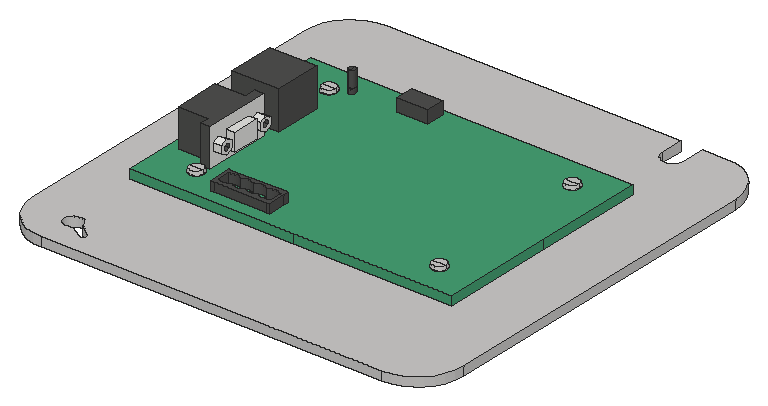
Revit family "3469A_NX_Audio_Visual_Interface_Module", category Communication Devices, host Face, Revit 2021
Family settings
  Host = Face
  Maintain Annotation Orientation = No
  Round Connector Dimension = Use Diameter
  Part Type = Normal
  OmniClass Number = 23.85.80.11.27
  OmniClass Title = Lighting Controls
  Cut with Voids When Loaded = No
  Shared = Yes
  Room Calculation Point = No
Parameters
  White Element = Glass, White, High Luminance
  Warranty = "5-Years Warranty"  # constant formula
  Voltage = 24 V
  Type Comments = "Audio Visual Interface"  # constant formula
  Steel = Metal-Galvanized_Steel
  Product Page URL = ""
  Product Documentation Link = ""
  URL = "https://www.currentlighting.com/nxlightingcontrols"
  Model = "Audio Visual Interface"  # constant formula
  Manufacturer = " NX Lighting Controls"  # constant formula
  Green Element = Plastic -  Green
  Features = "• Mounts to standard 4 11/16” junction box, Raco #257 or similar\r\n(not supplied)\r\n• Connects to and is powered by NX SmartPORT™ with CAT5 cable\r\n• Class 2 device, self powered from SmartPORT connection\r\n• DB9 connector for RS232 serial communication\r\n• Simple ASCII based command set"
  Description = "The NX Audio Visual Interface Module allows third party systems\r\nto digitally interface with an NX distributed lighting control\r\nsystem"  # constant formula
  Default Elevation = 48.00"
  Copyright = "Copyright ©  NX Lighting Controls"  # constant formula
  Contact Us = ""
  Black Material = Paint -  Black Matte Textured
  Assembly Code = "D5090"
  Apparent Load = 0 VA
Reference planes (in)
  plane 1 "Center (Front/Back)": y = 11.68155
  plane 2: z = 0
  plane 3 "Center (Left/Right)": x = 0
  plane 4: z = 1.38
  plane 5: x = 2.38
  plane 6: x = -2.38
  plane 7: y = 14.06155
  plane 8: y = 9.30155
Forms (in)
  Extrusion 1, solid, material "Metal-Galvanized_Steel" <- "Steel"
    sketch origin (0, 0, 0) x (1, 0, 0) y (0, 1, 0)
      loop
        line (-1.88, 9.30155) -> (1.88, 9.30155)
        arc (1.88, 9.30155) -> (2.23355, 9.448) -> (2.38, 9.80155) r 0.5
        line (2.38, 9.80155) -> (2.38, 13.56155)
        arc (2.38, 13.56155) -> (2.23355, 13.91511) -> (1.88, 14.06155) r 0.5
        line (1.88, 14.06155) -> (1.61769, 14.06155) -> (1.61769, 13.81155)
        arc (1.61769, 13.81155) -> (1.49269, 13.68655) -> (1.36769, 13.81155) r 0.125
        line (1.36769, 13.81155) -> (1.36769, 14.06155) -> (-1.88, 14.06155)
        arc (-1.88, 14.06155) -> (-2.23355, 13.91511) -> (-2.38, 13.56155) r 0.5
        line (-2.38, 13.56155) -> (-2.38, 9.80155)
        arc (-2.38, 9.80155) -> (-2.23355, 9.448) -> (-1.88, 9.30155) r 0.5
      loop
        arc (-1.73425, 9.67849) -> (-1.92135, 9.72883) -> (-1.77598, 9.60074) r 0.09949
        line (-1.77598, 9.60074) -> (-1.64496, 9.51237)
        arc (-1.64496, 9.51237) -> (-1.58402, 9.52421) -> (-1.59586, 9.58515) r 0.0439
        line (-1.59586, 9.58515) -> (-1.73425, 9.67849)
    from 0.1 to 0
  Extrusion 2, solid, material "Plastic -  Green" <- "Green Element"
    sketch origin (0, 0, 0) x (1, 0, 0) y (0, 1, 0)
      loop
        line (-1.8125, 12.93155) -> (-1.8125, 11.68155) -> (-1.8125, 10.43155) -> (0, 10.43155) -> (1.75, 10.43155) -> (1.75, 11.68155) -> (1.75, 12.93155) -> (0, 12.93155) -> (-1.8125, 12.93155)
    from 0.3 to 0.2
  Revolve 3, solid, material "Metal-Galvanized_Steel" <- "Steel"
    sketch origin (0, 12.59795, 0) x (1, 0, 0) y (0, 0, 1)
      loop
        line (-1.34349, 0.33405) -> (-1.34349, 0) -> (-1.22734, 0) -> (-1.22734, 0.08365) -> (-1.22734, 0.12718) -> (-1.26074, 0.16058) -> (-1.26074, 0.2) -> (-1.26074, 0.2594) -> (-1.26074, 0.3) -> (-1.26987, 0.33405) -> (-1.34349, 0.33405)
      axis (-1.34349, 0.33405) -> (-1.34349, 0)
    angle from 0 to 360
  Revolve 4, solid, material "Metal-Galvanized_Steel" <- "Steel"
    sketch origin (0, 10.76516, 0) x (1, 0, 0) y (0, 0, -1)
      loop
        line (-1.34349, -0.33405) -> (-1.26987, -0.33405) -> (-1.26074, -0.3) -> (-1.26074, -0.2594) -> (-1.26074, -0.2) -> (-1.26074, -0.16058) -> (-1.22734, -0.12718) -> (-1.22734, -0.08365) -> (-1.22734, 0) -> (-1.34349, 0) -> (-1.34349, -0.33405)
      axis (-1.34349, -0.33405) -> (-1.34349, 0)
    angle from 0 to 360
  Revolve 5, solid, material "Metal-Galvanized_Steel" <- "Steel"
    sketch origin (0, 12.59795, 0) x (-1, 0, 0) y (0, 0, -1)
      loop
        line (-1.34349, -0.33405) -> (-1.26987, -0.33405) -> (-1.26074, -0.3) -> (-1.26074, -0.2594) -> (-1.26074, -0.2) -> (-1.26074, -0.16058) -> (-1.22734, -0.12718) -> (-1.22734, -0.08365) -> (-1.22734, 0) -> (-1.34349, 0) -> (-1.34349, -0.33405)
      axis (-1.34349, -0.33405) -> (-1.34349, 0)
    angle from 0 to 360
  Revolve 6, solid, material "Metal-Galvanized_Steel" <- "Steel"
    sketch origin (0, 10.76516, 0) x (-1, 0, 0) y (0, 0, 1)
      loop
        line (-1.34349, 0.33405) -> (-1.34349, 0) -> (-1.22734, 0) -> (-1.22734, 0.08365) -> (-1.22734, 0.12718) -> (-1.26074, 0.16058) -> (-1.26074, 0.2) -> (-1.26074, 0.2594) -> (-1.26074, 0.3) -> (-1.26987, 0.33405) -> (-1.34349, 0.33405)
      axis (-1.34349, 0.33405) -> (-1.34349, 0)
    angle from 0 to 360
  Extrusion 7, solid, material "Paint -  Black Matte Textured" <- "Black Material"
    sketch origin (-2.8125, 0, 0) x (1, 0, 0) y (0, 1, 0)
      loop
        line (1.07477, 12.26881) -> (1.07477, 11.75081) -> (1.59142, 11.75081) -> (1.59142, 12.26881) -> (1.07477, 12.26881)
      loop
        line (1.44218, 11.61256) -> (1.44218, 11.47573) -> (1.10602, 11.47573) -> (1.10602, 10.97451) -> (1.44218, 10.97451) -> (1.44218, 10.86654) -> (1.63829, 10.86654) -> (1.63829, 11.61256) -> (1.44218, 11.61256)
    from 0.72 to 0.3
  Extrusion 8, solid, material "Paint -  Black Matte Textured" <- "Black Material"
    sketch origin (0, 0, 0) x (1, 0, 0) y (0, 1, 0)
      loop
        line (-1.00063, 10.82725) -> (-1.03163, 10.82725) -> (-1.03163, 10.76408) -> (-1.03163, 10.57725) -> (-1.00063, 10.57725) -> (-0.41001, 10.57725) -> (-0.37901, 10.57725) -> (-0.37901, 10.76408) -> (-0.37901, 10.82725) -> (-0.41001, 10.82725) -> (-1.00063, 10.82725)
      loop
        line (-1.00063, 10.76408) -> (-1.00063, 10.64042)
        arc (-1.00063, 10.64042) -> (-0.92719, 10.61013) -> (-0.85375, 10.64042) r 0.10418
        arc (-0.85375, 10.64042) -> (-0.78031, 10.61013) -> (-0.70687, 10.64042) r 0.10418
        arc (-0.70687, 10.64042) -> (-0.63344, 10.61013) -> (-0.56, 10.64042) r 0.10418
        arc (-0.56, 10.64042) -> (-0.48432, 10.61016) -> (-0.41001, 10.64365) r 0.10418
        line (-0.41001, 10.64365) -> (-0.41001, 10.76085)
        arc (-0.41001, 10.76085) -> (-0.48432, 10.79434) -> (-0.56, 10.76408) r 0.10418
        arc (-0.56, 10.76408) -> (-0.63344, 10.79436) -> (-0.70687, 10.76408) r 0.10418
        arc (-0.70687, 10.76408) -> (-0.78031, 10.79436) -> (-0.85375, 10.76408) r 0.10418
        arc (-0.85375, 10.76408) -> (-0.92719, 10.79436) -> (-1.00063, 10.76408) r 0.10418
    from 0.4 to 0.3
  Revolve 9, solid, material "Paint -  Black Matte Textured" <- "Black Material"
    sketch origin (-0.86201, -0.25893, 0.51368) x (0, 0, -1) y (0, 1, 0)
      loop
        line (-0.28655, 12.57268) -> (-0.06105, 12.57268) -> (-0.06105, 12.61114) -> (-0.10469, 12.61114)
        arc (-0.10469, 12.61114) -> (-0.11469, 12.60114) -> (-0.12469, 12.61114) r 0.01
        line (-0.12469, 12.61114) -> (-0.28655, 12.61114) -> (-0.28655, 12.57268)
      axis (-0.28655, 12.57268) -> (-0.06105, 12.57268)
    angle from 0 to 360
  Extrusion 10, solid, material "Paint -  Black Matte Textured" <- "Black Material"
    sketch origin (-0.46875, 0, 0) x (1, 0, 0) y (0, 1, 0)
      loop
        line (-0.06191, 12.73133) -> (-0.06191, 12.52105) -> (0.27836, 12.52105) -> (0.27836, 12.73133) -> (-0.06191, 12.73133)
    from 0.53626 to 0.4
  Extrusion 11, void
    sketch origin (0, 0, 0) x (0, 1, 0) y (0, 0, 1)
      loop
        line (10.86654, 0.72) -> (10.86654, 0.3) -> (11.61256, 0.3) -> (11.61256, 0.72) -> (10.86654, 0.72)
      loop
        line (10.97288, 0.58294) -> (10.90437, 0.54338) -> (10.90437, 0.46427) -> (10.97288, 0.42472) -> (11.04139, 0.46427) -> (11.04139, 0.54338) -> (10.97288, 0.58294)
      loop
        line (10.97507, 0.54829) -> (10.93657, 0.52606) -> (10.93657, 0.4816) -> (10.97507, 0.45937) -> (11.01358, 0.4816) -> (11.01358, 0.52606) -> (10.97507, 0.54829)
      loop
        line (11.50755, 0.58294) -> (11.43904, 0.54338) -> (11.43904, 0.46427) -> (11.50755, 0.42472) -> (11.57606, 0.46427) -> (11.57606, 0.54338) -> (11.50755, 0.58294)
      loop
        line (11.50975, 0.54829) -> (11.47125, 0.52606) -> (11.47125, 0.4816) -> (11.50975, 0.45937) -> (11.54825, 0.4816) -> (11.54825, 0.52606) -> (11.50975, 0.54829)
      loop
        line (11.0856, 0.59857) -> (11.0856, 0.40573) -> (11.39341, 0.40573) -> (11.39341, 0.59857) -> (11.0856, 0.59857)
    from -1.12513 to -1.27327
Cuts and joins
  Extrusion 11 cuts Extrusion 2
  Extrusion 11 cuts Extrusion 7
Dimensions and locks (in)
  aligned and locked: plane 2 to host face
  aligned and locked: level to host face
  aligned and locked: Extrusion 8 to Extrusion 2
  aligned and locked: Extrusion 7 to Extrusion 2
Connectors (in)
  electrical at (0.49756, 12.43322, 0)
    settings: on Extrusion 1, index 1, voltage 0 V, apparent load 0 VA, apparent load phase1 0 VA, apparent load phase2 0 VA, apparent load phase3 0 VA, power factor 1, load classification "Other", number of poles 1, system type 13, power factor state 1, is connector primary yes, connector utility no, sub classification motor no, connector description ""
